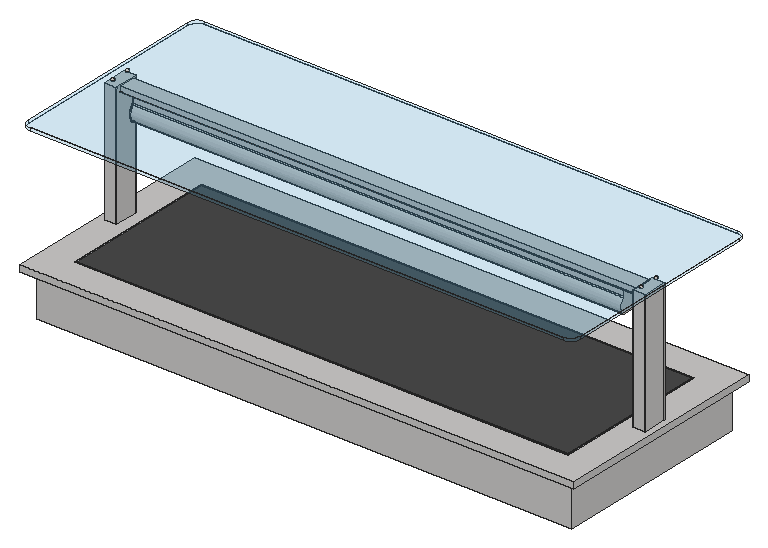
Revit family "QF_FESTIVE_SHD18", category Specialty Equipment, Revit 2020
Family settings
  Round Connector Dimension = Use Diameter
  Part Type = Normal
  Work Plane-Based = No
  Always vertical = Yes
  Cut with Voids When Loaded = No
  Shared = No
  Room Calculation Point = No
Parameters (values of type "SHD18")
  Weight in Pounds = 0
  Watts = if(Phase = 3, Volts * FL Amps * 1.73, Volts * FL Amps)  # 1870 W
  Volts = 220 V
  URL Cutsheet = ""
  Specification by User = ""
  Specification by Manufacturer = ""
  Serial Number = ""
  Seismic Rating = ""
  SMACNA No = ""
  Revision Code = ""
  Phase = 1
  Number of Poles = 1
  NAFEM Spec ID Number = ""
  Model = "SHD18"
  Min Ckt Ampacity = 0 A
  Max Overcurrent Protection = 0 A
  Masterspec = ""
  Manufacturer = "FESTIVE"
  Length = 1805 mm
  Item Number = ""
  Installed By = ""
  Identify Quantity as Lot = yes
  Height = 430 mm
  HP = ""
  Furnished By = ""
  Foodservice Equipment Identifier = yes
  FL Amps = 8.5 A  # constant formula
  Electrical Remarks = ""
  Electric Connection Type = ""
  Elec Conn RI Height = 0 mm
  Elec Conn Connection Height = 0 mm
  Description = "SOMERSET: HOT DECK"
  Depth = 712 mm
  Default Elevation = 0 mm
  Cycle = 50 Hz
  Conn Plug = ""
  Conn Conduit = yes
  CSI MasterFormat = ""
  Apparent Power = if(Phase = 3, Volts * FL Amps * 1.73, Volts * FL Amps)  # 1870 VA
Reference planes
  plane 1 "BACK": y = 0
  plane 2: z = 0
  plane 3 "LEFT": x = 0
  plane 4 "RIGHT": x = 1805
  plane 5 "FRONT": y = -712
  plane 6 "TOP": z = 430
  plane 7 "Center Y": x = 902.5
  plane 8 "Center X": y = -356
  plane 9: z = -140
  plane 10: x = 60.5
  plane 11: x = 100.5
  plane 12: x = 1704.5
  plane 13: x = 1744.5
Forms (mm)
  Extrusion 1, solid, material "QF_Metal - Stainless - Satin"
    sketch origin (0, 0, 0) x (1, 0, 0) y (0, 1, 0)
      loop
        line (0, 0) -> (0, -712) -> (1805, -712) -> (1805, 0) -> (0, 0)
      loop
        line (99, -98.261) -> (99, -612.261) -> (1706, -612.261) -> (1706, -98.261) -> (99, -98.261)
    from 0 to 20
  Extrusion 2, solid, material "QF_Metal - Stainless - Satin"
    sketch origin (1065, -355.261, -145) x (1, 0, 0) y (0, 1, 0)
      loop
        line (710, -326.739) -> (710, 325.261) -> (-1035, 325.261) -> (-1035, -326.739) -> (710, -326.739)
      loop
        line (-966, -257) -> (641, -257) -> (641, 257) -> (-966, 257) -> (-966, -257)
    from 5 to 145
  Extrusion 3, solid, material "QF_Metal - Stainless - Satin"
    sketch origin (1065, -355.261, 20) x (1, 0, 0) y (0, 1, 0)
      loop
        arc (-1006.5, -40) -> (-1005.086, -39.414) -> (-1004.5, -38) r 2
        line (-1004.5, -38) -> (-1004.5, 38)
        arc (-1004.5, 38) -> (-1005.086, 39.414) -> (-1006.5, 40) r 2
        line (-1006.5, 40) -> (-1042.5, 40)
        arc (-1042.5, 40) -> (-1043.914, 39.414) -> (-1044.5, 38) r 2
        line (-1044.5, 38) -> (-1044.5, -38)
        arc (-1044.5, -38) -> (-1043.914, -39.414) -> (-1042.5, -40) r 2
        line (-1042.5, -40) -> (-1006.5, -40)
      loop
        arc (719.5, 38) -> (718.914, 39.414) -> (717.5, 40) r 2
        line (717.5, 40) -> (681.5, 40)
        arc (681.5, 40) -> (680.086, 39.414) -> (679.5, 38) r 2
        line (679.5, 38) -> (679.5, -38)
        arc (679.5, -38) -> (680.086, -39.414) -> (681.5, -40) r 2
        line (681.5, -40) -> (717.5, -40)
        arc (717.5, -40) -> (718.914, -39.414) -> (719.5, -38) r 2
        line (719.5, -38) -> (719.5, 38)
    from 0 to 400
  Extrusion 4, solid, material "QF_Metal - Stainless - Satin"
    sketch origin (1065, -355.261, -140) x (0, 1, 0) y (1, 0, 0)
      loop
        line (257, -966) -> (257, 641) -> (-257, 641) -> (-257, -966) -> (257, -966)
    from 0 to -35
  Sweep 5, solid
    path origin (0, 0, -90) x (1, 0, 0) y (0, 1, 0)
      loop
        line (1704, -180.315) -> (210.803, -180.315)
        arc (210.803, -180.315) -> (189.59, -189.101) -> (180.803, -210.315) r 30
        line (180.803, -210.315) -> (180.803, -500.123)
        arc (180.803, -500.123) -> (189.59, -521.336) -> (210.803, -530.123) r 30
        line (210.803, -530.123) -> (1704, -530.123)
    profile origin (957.401, -180.315, -90) x (0, -1, 0) y (0, 0, 1)
      loop
        circle (0, 0) r 3.995
  Extrusion 6, solid, material "Glass"
    sketch origin (1065, -355.261, 420) x (1, 0, 0) y (0, 1, 0)
      loop
        arc (-1062.5, -326) -> (-1053.713, -347.213) -> (-1032.5, -356) r 30
        line (-1032.5, -356) -> (707.5, -356)
        arc (707.5, -356) -> (728.713, -347.213) -> (737.5, -326) r 30
        line (737.5, -326) -> (737.5, 324.523)
        arc (737.5, 324.523) -> (728.713, 345.736) -> (707.5, 354.523) r 30
        line (707.5, 354.523) -> (-1032.5, 354.523)
        arc (-1032.5, 354.523) -> (-1053.713, 345.736) -> (-1062.5, 324.523) r 30
        line (-1062.5, 324.523) -> (-1062.5, -326)
    from 0 to 10
  Extrusion 7, solid, material "QF_Metal - Stainless - Satin"
    sketch origin (100.5, -4572, 401.831) x (0, 0, 1) y (0, -1, 0)
      loop
        arc (-66.2, -4250.168) -> (-44.071, -4253.808) -> (-23.897, -4244.015) r 37.05
        arc (-23.897, -4244.015) -> (-21.842, -4242.699) -> (-19.446, -4242.239) r 6.465
        line (-19.446, -4242.239) -> (-1.831, -4242.239) -> (-1.831, -4191.324) -> (-19.446, -4191.324)
        arc (-19.446, -4191.324) -> (-21.842, -4190.863) -> (-23.897, -4189.548) r 6.465
        arc (-23.897, -4189.548) -> (-44.071, -4179.755) -> (-66.2, -4183.394) r 37.05
        arc (-66.2, -4183.394) -> (-70.639, -4187.723) -> (-71.831, -4193.809) r 10.413
        line (-71.831, -4193.809) -> (-71.831, -4241.231)
        arc (-71.831, -4241.231) -> (-70.247, -4246.476) -> (-66.2, -4250.168) r 10.306
    from 0 to 2
  Extrusion 8, solid, material "QF_Metal - Stainless - Satin"
    sketch origin (102.5, -4572, 401.831) x (0, 0, 1) y (0, -1, 0)
      loop
        arc (-66.2, -4250.168) -> (-44.071, -4253.808) -> (-23.897, -4244.015) r 37.05
        arc (-23.897, -4244.015) -> (-21.842, -4242.699) -> (-19.446, -4242.239) r 6.465
        line (-19.446, -4242.239) -> (-1.831, -4242.239) -> (-1.831, -4191.324) -> (-19.446, -4191.324)
        arc (-19.446, -4191.324) -> (-21.842, -4190.863) -> (-23.897, -4189.548) r 6.465
        arc (-23.897, -4189.548) -> (-44.071, -4179.755) -> (-66.2, -4183.394) r 37.05
        arc (-66.2, -4183.394) -> (-70.639, -4187.723) -> (-71.831, -4193.809) r 10.413
        line (-71.831, -4193.809) -> (-71.831, -4241.231)
        arc (-71.831, -4241.231) -> (-70.247, -4246.476) -> (-66.2, -4250.168) r 10.306
    from 0 to 1602
  Extrusion 9, solid, material "QF_Metal - Stainless - Satin"
    sketch origin (0, 0, 0) x (0, 1, 0) y (0, 0, 1)
      loop
        line (-327.761, 420) -> (-382.676, 420) -> (-382.676, 401.831)
        arc (-382.676, 401.831) -> (-382.037, 400.522) -> (-380.676, 400) r 1.989
        line (-380.676, 400) -> (-329.761, 400)
        arc (-329.761, 400) -> (-328.401, 400.522) -> (-327.761, 401.831) r 1.989
        line (-327.761, 401.831) -> (-327.761, 420)
    from 60.5 to 1744.5
  Revolve 10, solid, material "QF_Metal - Stainless - Satin"
    sketch origin (0, -385.237, 2) x (1, 0, 0) y (0, 0, 1)
      loop
        line (36.511, 428) -> (40.467, 428) -> (40.467, 433.967)
        arc (40.467, 433.967) -> (37.67, 432.809) -> (36.511, 430.011) r 3.956
        line (36.511, 430.011) -> (36.511, 428)
      axis (40.467, 428) -> (40.467, 433.967)
    angle from 0 to 360
  Revolve 11, solid, material "QF_Metal - Stainless - Satin"
    sketch origin (0, -325.201, 2) x (1, 0, 0) y (0, 0, -1)
      loop
        line (36.511, -428) -> (36.511, -430.011)
        arc (36.511, -430.011) -> (37.67, -432.809) -> (40.467, -433.967) r 3.956
        line (40.467, -433.967) -> (40.467, -428) -> (36.511, -428)
      axis (40.467, -428) -> (40.467, -433.967)
    angle from 0 to 360
  Revolve 12, solid, material "QF_Metal - Stainless - Satin"
    sketch origin (2130, -385.237, 2) x (-1, 0, 0) y (0, 0, -1)
      loop
        line (361.511, -428) -> (361.511, -430.011)
        arc (361.511, -430.011) -> (362.67, -432.809) -> (365.467, -433.967) r 3.956
        line (365.467, -433.967) -> (365.467, -428) -> (361.511, -428)
      axis (365.467, -428) -> (365.467, -433.967)
    angle from 0 to 360
  Revolve 13, solid, material "QF_Metal - Stainless - Satin"
    sketch origin (2130, -325.201, 2) x (-1, 0, 0) y (0, 0, 1)
      loop
        line (361.511, 428) -> (365.467, 428) -> (365.467, 433.967)
        arc (365.467, 433.967) -> (362.67, 432.809) -> (361.511, 430.011) r 3.956
        line (361.511, 430.011) -> (361.511, 428)
      axis (365.467, 428) -> (365.467, 433.967)
    angle from 0 to 360
  Extrusion 14, solid
    sketch origin (0, 0, 20) x (1, 0, 0) y (0, 1, 0)
      loop
        line (99, -612.261) -> (1706, -612.261) -> (1706, -98.261) -> (99, -98.261) -> (99, -612.261)
      loop
        line (101, -610.261) -> (1704, -610.261) -> (1704, -100.261) -> (101, -100.261) -> (101, -610.261)
    from -5 to 0
  Extrusion 15, solid, material "QF_Plastic - Black - Smooth"
    sketch origin (0, 0, 20) x (1, 0, 0) y (0, 1, 0)
      loop
        line (101, -610.261) -> (1704, -610.261) -> (1704, -100.261) -> (101, -100.261) -> (101, -610.261)
    from -5 to 0
Cuts and joins
  joined: Extrusion 2, Extrusion 4
Lines and regions (mm)
  symbolic lines
    curve 1: arc (32.5, -0.739, 0) -> (11.287, -9.526, 0) -> (2.5, -30.739, 0) r 30
    curve 2: line (2.5, -30.739, 0) -> (2.5, -681.261, 0)
    curve 3: arc (2.5, -681.261, 0) -> (11.287, -702.474, 0) -> (32.5, -711.261, 0) r 30
    curve 4: line (32.5, -711.261, 0) -> (1772.5, -711.261, 0)
    curve 5: arc (1772.5, -711.261, 0) -> (1793.713, -702.474, 0) -> (1802.5, -681.261, 0) r 30
    curve 6: line (1802.5, -681.261, 0) -> (1802.5, -30.739, 0)
    curve 7: arc (1802.5, -30.739, 0) -> (1793.713, -9.526, 0) -> (1772.5, -0.739, 0) r 30
    curve 8: line (1772.5, -0.739, 0) -> (32.5, -0.739, 0)
    curve 9: circle (40.467, -325.131, 0) r 3.956 normal (0, 0, 1)
    curve 10: circle (40.467, -385.166, 0) r 3.956 normal (0, 0, 1)
    curve 11: circle (1764.533, -325.131, 0) r 3.956 normal (0, 0, -1)
    curve 12: circle (1764.533, -385.166, 0) r 3.956 normal (0, 0, -1)
    curve 13: line (1805, 0, 0) -> (0, 0, 0)
    curve 14: line (1805, -712, 0) -> (1805, 0, 0)
    curve 15: line (0, -712, 0) -> (1805, -712, 0)
    curve 16: line (0, 0, 0) -> (0, -712, 0)
Dimensions and locks
  equal spacing: plane 3 "LEFT", plane 7 "Center Y", plane 4 "RIGHT"
  "Length": plane 3 "LEFT" to plane 4 "RIGHT"
  equal spacing: plane 5 "FRONT", plane 8 "Center X", plane 1 "BACK"
  "Depth": plane 5 "FRONT" to plane 1 "BACK"
  "Height": plane 6 "TOP" to level
  plane 1 "BACK" to plane 5 "FRONT" = 712 mm
  plane 2 to plane 9 = 140 mm
  nested 1 to nested 1 = 2.873 mm
  locked: plane 13 to plane 4 "RIGHT" at 60.5
  locked: plane 12 to plane 4 "RIGHT" at 100.5
  aligned and locked: plane 2 to level
  aligned and locked: plane 9 to nested 1
  aligned and locked: Extrusion 9 to plane 13
  aligned and locked: Extrusion 8 to plane 12
  aligned and locked: nested 1 to plane 7 "Center Y"
Automatic sketch dimensions
  curve 16 to plane 3 "LEFT" = 0 mm
  curve 15 to plane 4 "RIGHT" = 0 mm
  plane 5 "FRONT" to curve 15 = 0 mm
  plane 1 "BACK" to curve 13 = 0 mm
  plane 3 "LEFT" to curve 2 = 2.5 mm
  curve 4 to plane 5 "FRONT" = 0.739 mm
  plane 3 "LEFT" to curve 4 = 32.5 mm
  plane 1 "BACK" to curve 8 = 0.739 mm
  plane 3 "LEFT" to curve 8 = 32.5 mm
  plane 3 "LEFT" to curve 10 = 40.467 mm
  plane 3 "LEFT" to curve 9 = 40.467 mm
  plane 4 "RIGHT" to curve 11 = 40.467 mm
  plane 4 "RIGHT" to curve 12 = 40.467 mm
  plane 4 "RIGHT" to curve 8 = 32.5 mm
  plane 4 "RIGHT" to curve 4 = 32.5 mm
  plane 4 "RIGHT" to curve 6 = 2.5 mm
  curve 12 to plane 8 "Center X" = 29.166 mm
  curve 10 to plane 8 "Center X" = 29.166 mm
  plane 8 "Center X" to curve 9 = 30.869 mm
  plane 8 "Center X" to curve 11 = 30.869 mm
  Extrusion 1 sketch curve to plane 3 "LEFT" = 0 mm
  Extrusion 1 sketch curve to plane 4 "RIGHT" = 0 mm
  plane 5 "FRONT" to Extrusion 1 sketch curve = 0 mm
  plane 1 "BACK" to Extrusion 1 sketch curve = 0 mm
  plane 3 "LEFT" to Extrusion 1 sketch curve = 99 mm
  plane 4 "RIGHT" to Extrusion 1 sketch curve = 99 mm
  Extrusion 1 sketch curve to plane 5 "FRONT" = 99.739 mm
  plane 1 "BACK" to Extrusion 1 sketch curve = 98.261 mm
  plane 3 "LEFT" to Extrusion 2 sketch curve = 30 mm
  Extrusion 2 sketch curve to Extrusion 2 sketch curve = 69 mm
  plane 4 "RIGHT" to Extrusion 2 sketch curve = 99 mm
  plane 4 "RIGHT" to Extrusion 2 sketch curve = 30 mm
  Extrusion 2 sketch curve to plane 5 "FRONT" = 30 mm
  Extrusion 2 sketch curve to Extrusion 2 sketch curve = 69.739 mm
  plane 1 "BACK" to Extrusion 2 sketch curve = 98.261 mm
  plane 1 "BACK" to Extrusion 2 sketch curve = 30 mm
  plane 3 "LEFT" to Extrusion 3 sketch curve = 20.5 mm
  Extrusion 3 sketch curve to Extrusion 3 sketch curve = 2 mm  (x6)
  Extrusion 3 sketch curve to Extrusion 3 sketch curve = 36 mm  (x2)
  plane 4 "RIGHT" to Extrusion 3 sketch curve = 60.5 mm
  plane 4 "RIGHT" to Extrusion 3 sketch curve = 22.5 mm  (x2)
  Extrusion 3 sketch curve to plane 8 "Center X" = 39.261 mm  (x2)
  plane 8 "Center X" to Extrusion 3 sketch curve = 38.739 mm  (x2)
  Extrusion 4 sketch curve to Extrusion 2 = 0 mm  (x4)
  plane 3 "LEFT" to Sweep 5 sketch curve = 180.803 mm
  Sweep 5 sketch curve to Sweep 5 sketch curve = 30 mm  (x2)
  Sweep 5 sketch curve to plane 8 "Center X" = 174.123 mm
  plane 8 "Center X" to Sweep 5 sketch curve = 145.685 mm
  plane 4 "RIGHT" to Sweep 5 sketch curve = 101 mm  (x2)
  Sweep 5 sketch curve to profile plane = 0 mm  (x2)
  plane 3 "LEFT" to Extrusion 6 sketch curve = 2.5 mm
  Extrusion 6 sketch curve to Extrusion 6 sketch curve = 30 mm  (x2)
  plane 1 "BACK" to Extrusion 6 sketch curve = 0.739 mm
  plane 4 "RIGHT" to Extrusion 6 sketch curve = 32.5 mm  (x2)
  Extrusion 6 sketch curve to plane 5 "FRONT" = 0.739 mm
  plane 4 "RIGHT" to Extrusion 6 sketch curve = 2.5 mm
  Extrusion 9 sketch curve to plane 8 "Center X" = 26.676 mm
  Extrusion 9 sketch curve to Extrusion 9 sketch curve = 1.982 mm  (x2)
  Extrusion 9 sketch curve to Extrusion 9 sketch curve = 0.018 mm  (x2)
  plane 8 "Center X" to Extrusion 9 sketch curve = 26.239 mm
  Extrusion 9 sketch curve to plane 6 "TOP" = 30 mm
  Extrusion 9 sketch curve to Extrusion 9 sketch curve = 1.831 mm  (x2)
  Extrusion 9 sketch curve to plane 6 "TOP" = 10 mm
  Revolve 10 sketch curve to plane 6 "TOP" = 0 mm
  plane 3 "LEFT" to Revolve 10 sketch curve = 36.511 mm
  Revolve 10 sketch curve to Revolve 10 sketch curve = 3.956 mm
  plane 6 "TOP" to Revolve 10 sketch curve = 2.011 mm
  Revolve 10 sketch curve to Revolve 10 sketch curve = 0 mm  (x2)
  Revolve 10 sketch curve to Revolve 10 sketch curve = 2.434 mm
  Revolve 11 sketch curve to plane 6 "TOP" = 0 mm
  plane 3 "LEFT" to Revolve 11 sketch curve = 36.511 mm
  Revolve 11 sketch curve to Revolve 11 sketch curve = 3.956 mm
  plane 6 "TOP" to Revolve 11 sketch curve = 2.011 mm
  Revolve 11 sketch curve to Revolve 11 sketch curve = 0 mm  (x2)
  Revolve 11 sketch curve to Revolve 11 sketch curve = 2.434 mm
  Revolve 12 sketch curve to plane 6 "TOP" = 0 mm
  plane 4 "RIGHT" to Revolve 12 sketch curve = 36.511 mm
  Revolve 12 sketch curve to Revolve 12 sketch curve = 3.956 mm
  Revolve 12 sketch curve to Revolve 12 sketch curve = 2.011 mm
  Revolve 12 sketch curve to Revolve 12 sketch curve = 0 mm  (x2)
  Revolve 12 sketch curve to Revolve 12 sketch curve = 2.434 mm
  Revolve 13 sketch curve to plane 6 "TOP" = 0 mm
  plane 4 "RIGHT" to Revolve 13 sketch curve = 36.511 mm
  Revolve 13 sketch curve to Revolve 13 sketch curve = 3.956 mm
  Revolve 13 sketch curve to Revolve 13 sketch curve = 2.011 mm
  Revolve 13 sketch curve to Revolve 13 sketch curve = 0 mm  (x2)
  Revolve 13 sketch curve to Revolve 13 sketch curve = 2.434 mm
  Extrusion 14 sketch curve to Extrusion 1 = 0 mm  (x3)
  Extrusion 1 to Extrusion 14 sketch curve = 0 mm
  Extrusion 1 to Extrusion 14 sketch curve = 2 mm  (x4)
  Extrusion 1 to Extrusion 15 sketch curve = 2 mm  (x4)
  Extrusion 7 sketch curve to plane 8 "Center X" = 22.191 mm
  Extrusion 7 sketch curve to plane 6 "TOP" = 100 mm
  Extrusion 7 sketch curve to Extrusion 7 sketch curve = 10.303 mm
  Extrusion 7 sketch curve to Extrusion 7 sketch curve = 10.351 mm
  plane 8 "Center X" to Extrusion 7 sketch curve = 0.419 mm
  Extrusion 7 sketch curve to Extrusion 7 sketch curve = 12.075 mm
  Extrusion 7 sketch curve to Extrusion 7 sketch curve = 0 mm  (x3)
  Extrusion 7 sketch curve to Extrusion 7 sketch curve = 42.082 mm
  Extrusion 7 sketch curve to Extrusion 7 sketch curve = 42.033 mm
  Extrusion 7 sketch curve to Extrusion 7 sketch curve = 17.615 mm
  Extrusion 7 sketch curve to Extrusion 7 sketch curve = 0.725 mm
  plane 8 "Center X" to Extrusion 7 sketch curve = 24.982 mm
  Extrusion 7 sketch curve to Extrusion 7 sketch curve = 0.249 mm
  plane 8 "Center X" to Extrusion 7 sketch curve = 26.239 mm
  Extrusion 7 sketch curve to Extrusion 7 sketch curve = 6.465 mm  (x2)
  Extrusion 7 sketch curve to Extrusion 7 sketch curve = 1.133 mm
  Extrusion 7 sketch curve to plane 8 "Center X" = 24.676 mm
  Extrusion 7 to Extrusion 8 sketch curve = 0 mm
  Extrusion 8 sketch curve to Extrusion 7 = 0 mm
  radius of curve 9 = 3.956 mm
  radius of curve 10 = 3.956 mm
  radius of curve 11 = 3.956 mm
  radius of curve 12 = 3.956 mm
  radius of Sweep 5 sketch curve = 3.995 mm
  radius of Extrusion 8 sketch curve to Extrusion 7 = 0 mm  (x6)
Nested families
  nested 1: "CONTROL1" at (1002.5, -442, -240) x (-1, 0, 0) z (0, 0, 1), type "CONTROL 2"
Connectors
  electrical at (799.3, -342, -196), driven by "Volts", driven by "Watts"
    settings: on nested 1, index 2, voltage 220 V, apparent load 1870 VA, apparent load phase1 0 VA, apparent load phase2 0 VA, apparent load phase3 0 VA, power factor 1, load classification "Other", number of poles 1, system type 30, power factor state 1, is connector primary yes, connector utility no, sub classification motor no, connector description "ELECTRICAL CONNECTION"
Definition of nested family "CONTROL1"
  Parameters (values of type "CONTROL 2")
    Weight in Pounds = 0
    Watts = if(Phase = 3, Volts * FL Amps * 1.73, Volts * FL Amps)  # 0 W
    Volts = 0 V
    URL Cutsheet = ""
    Specification by User = ""
    Specification by Manufacturer = ""
    Serial Number = ""
    Seismic Rating = ""
    SMACNA No = ""
    Revision Code = ""
    Phase = 0
    Number of Poles = 1
    NAFEM Spec ID Number = ""
    Min Ckt Ampacity = 0 A
    Max Overcurrent Protection = 0 A
    Masterspec = ""
    Length = 200 mm
    Item Number = ""
    Installed By = ""
    Identify Quantity as Lot = yes
    Height = 100 mm
    HP = ""
    Furnished By = ""
    Foodservice Equipment Identifier = yes
    FL Amps = 0 A
    Electrical Remarks = ""
    Electric Connection Type = ""
    Elec Conn RI Height = 0 mm
    Elec Conn Connection Height = 0 mm
    Depth = 382 mm  # constant formula
    Default Elevation = 0 mm
    Cycle = 0 Hz
    Conn Plug = ""
    Conn Conduit = yes
    CSI MasterFormat = ""
    Apparent Power = if(Phase = 3, Volts * FL Amps * 1.73, Volts * FL Amps)  # 0 VA
  Reference planes
    plane 1 "BACK": y = 0
    plane 2: z = 0
    plane 3 "LEFT": x = 0
    plane 4 "RIGHT": x = 200
    plane 5 "FRONT": y = -382
    plane 6 "TOP": z = 100
    plane 7 "Center Y": x = 100
    plane 8 "Center X": y = -191
  Forms (mm)
    Extrusion 1, solid
      sketch origin (0, 0, 0) x (0, 1, 0) y (0, 0, 1)
        loop
          line (0, 100) -> (-382, 100) -> (-382, 0) -> (0, 0) -> (0, 100)
      from 0 to 200
    Extrusion 2, solid
      sketch origin (0, -385.163, 100.641) x (0, 0, -1) y (1, 0, 0)
        loop
          line (0.641, 0) -> (84.005, 0) -> (84.005, 200) -> (0.641, 200) -> (0.641, 0)
      from 0 to -3.163
    Extrusion 3, solid
      sketch origin (200, 0, 0) x (0, 1, 0) y (0, 0, 1)
        loop
          circle (-100, 44) r 5
      from 0 to 3.2
    Extrusion 4, solid
      sketch origin (234.495, -385.163, 106.983) x (0, 0, -1) y (1, 0, 0)
        loop
          line (28.109, -81.09) -> (28.109, -101.23) -> (65.314, -101.23) -> (65.314, -81.09) -> (28.109, -81.09)
        loop
          line (30.983, -84.095) -> (30.983, -98.095) -> (62.983, -98.095) -> (62.983, -84.095) -> (30.983, -84.095)
        loop
          line (28.109, -106.09) -> (28.109, -126.23) -> (65.314, -126.23) -> (65.314, -106.09) -> (28.109, -106.09)
        loop
          line (30.983, -109.095) -> (30.983, -123.095) -> (62.983, -123.095) -> (62.983, -109.095) -> (30.983, -109.095)
        loop
          line (29.233, -135.695) -> (29.233, -209.695)
          arc (29.233, -209.695) -> (31.709, -210.63) -> (34.233, -211.428) r 48.156
          line (34.233, -211.428) -> (34.233, -134.051)
          arc (34.233, -134.051) -> (31.711, -134.808) -> (29.233, -135.695) r 50.519
        loop
          line (65.733, -209.695) -> (65.733, -135.695)
          arc (65.733, -135.695) -> (63.254, -134.808) -> (60.733, -134.051) r 50.519
          line (60.733, -134.051) -> (60.733, -211.428)
          arc (60.733, -211.428) -> (63.256, -210.63) -> (65.733, -209.695) r 48.156
      from 0 to 2
    Extrusion 5, solid
      sketch origin (139.146, -385.163, 76) x (0, 0, -1) y (0, 1, 0)
        loop
          line (32, 0) -> (0, 0) -> (0, -2)
          arc (0, -2) -> (12.978, -3.04) -> (25.484, -6.665) r 64.536
          arc (25.484, -6.665) -> (27.464, -6.785) -> (29.117, -5.69) r 3.128
          line (29.117, -5.69) -> (32, -2) -> (32, 0)
      from -2.746 to 11.254
    Extrusion 6, solid
      sketch origin (114.146, -385.163, 76) x (0, 0, -1) y (0, 1, 0)
        loop
          line (32, 0) -> (0, 0) -> (0, -2)
          arc (0, -2) -> (12.978, -3.04) -> (25.484, -6.665) r 64.536
          arc (25.484, -6.665) -> (27.464, -6.785) -> (29.117, -5.69) r 3.128
          line (29.117, -5.69) -> (32, -2) -> (32, 0)
      from -2.746 to 11.254
    Extrusion 7, solid
      sketch origin (234.495, -385.163, 106.983) x (0, 0, -1) y (1, 0, 0)
        loop
          arc (60.733, -134.051) -> (47.483, -132.283) -> (34.233, -134.051) r 50.519
          line (34.233, -134.051) -> (34.233, -211.428)
          arc (34.233, -211.428) -> (47.483, -213.287) -> (60.733, -211.428) r 48.156
          line (60.733, -211.428) -> (60.733, -134.051)
      from 0 to 2
    Extrusion 8, void
      sketch origin (200, 0, 0) x (0, 1, 0) y (0, 0, 1)
        loop
          circle (-133.139, 75.744) r 6
        loop
          circle (-102.677, 75.744) r 10
        loop
          circle (-133.317, 45.46) r 7.401
      from 0 to -3.2
    Extrusion 9, void
      sketch origin (0, 0, 0) x (0, -1, 0) y (0, 0, 1)
        loop
          circle (133.139, 75.744) r 6
        loop
          circle (102.677, 75.744) r 10
        loop
          circle (133.317, 45.46) r 7.401
      from 0 to -3.2
  Cuts and joins
    Extrusion 8, Extrusion 9 cuts Extrusion 1
  Lines and regions (mm)
    symbolic lines
      curve 1: line (0, 0, 0) -> (200, 0, 0)
      curve 2: line (0, -382, 0) -> (0, 0, 0)
      curve 3: line (200, -382, 0) -> (0, -382, 0)
      curve 4: line (200, 0, 0) -> (200, -382, 0)
  Dimensions and locks
    equal spacing: plane 3 "LEFT", plane 7 "Center Y", plane 4 "RIGHT"
    "Length": plane 3 "LEFT" to plane 4 "RIGHT"
    equal spacing: plane 5 "FRONT", plane 8 "Center X", plane 1 "BACK"
    "Depth": plane 5 "FRONT" to plane 1 "BACK"
    "Height": plane 6 "TOP" to level
    plane 4 "RIGHT" to plane 3 "LEFT" = 200 mm
    plane 5 "FRONT" to plane 1 "BACK" = 382 mm
    plane 1 "BACK" to Extrusion 3 sketch curve = 100 mm
    Extrusion 3 sketch curve to level = 44 mm
    aligned and locked: plane 2 to level
  Automatic sketch dimensions
    curve 3 to plane 3 "LEFT" = 0 mm
    curve 3 to plane 4 "RIGHT" = 0 mm
    plane 5 "FRONT" to curve 3 = 0 mm
    plane 1 "BACK" to curve 2 = 0 mm
    Extrusion 1 sketch curve to plane 5 "FRONT" = 0 mm
    Extrusion 1 sketch curve to level = 0 mm
    Extrusion 1 sketch curve to plane 1 "BACK" = 0 mm
    Extrusion 1 sketch curve to plane 6 "TOP" = 0 mm
    plane 4 "RIGHT" to Extrusion 2 sketch curve = 0 mm
    Extrusion 2 sketch curve to plane 6 "TOP" = 0 mm
    Extrusion 2 sketch curve to plane 3 "LEFT" = 0 mm
    level to Extrusion 2 sketch curve = 16.636 mm
    Extrusion 4 sketch curve to Extrusion 4 sketch curve = 0 mm  (x6)
    Extrusion 4 sketch curve to plane 6 "TOP" = 21.127 mm  (x2)
    plane 7 "Center Y" to Extrusion 4 sketch curve = 8.264 mm
    Extrusion 4 sketch curve to plane 6 "TOP" = 22.25 mm
    Extrusion 4 sketch curve to Extrusion 4 sketch curve = 2.873 mm  (x2)
    Extrusion 4 sketch curve to Extrusion 4 sketch curve = 5 mm  (x2)
    Extrusion 4 sketch curve to Extrusion 4 sketch curve = 13.25 mm
    plane 7 "Center Y" to Extrusion 4 sketch curve = 0.443 mm
    Extrusion 4 sketch curve to Extrusion 4 sketch curve = 26.5 mm
    Extrusion 4 sketch curve to Extrusion 4 sketch curve = 2.25 mm
    Extrusion 4 sketch curve to Extrusion 4 sketch curve = 2.331 mm  (x2)
    Extrusion 4 sketch curve to plane 7 "Center Y" = 1.2 mm  (x2)
    plane 3 "LEFT" to Extrusion 4 sketch curve = 24.8 mm  (x2)
    Extrusion 4 sketch curve to Extrusion 4 sketch curve = 1.733 mm
    Extrusion 4 sketch curve to Extrusion 4 sketch curve = 3.136 mm  (x2)
    Extrusion 4 sketch curve to Extrusion 4 sketch curve = 14 mm  (x2)
    Extrusion 4 sketch curve to Extrusion 4 sketch curve = 3.004 mm  (x2)
    Extrusion 4 sketch curve to Extrusion 4 sketch curve = 4.86 mm
    plane 5 "FRONT" to Extrusion 5 sketch curve = 3.163 mm
    Extrusion 5 sketch curve to plane 6 "TOP" = 24 mm
    Extrusion 5 sketch curve to plane 6 "TOP" = 25.358 mm
    plane 5 "FRONT" to Extrusion 5 sketch curve = 6.928 mm
    Extrusion 5 sketch curve to Extrusion 5 sketch curve = 26.653 mm
    plane 5 "FRONT" to Extrusion 5 sketch curve = 8.853 mm
    Extrusion 5 sketch curve to Extrusion 5 sketch curve = 2.465 mm
    Extrusion 5 sketch curve to Extrusion 5 sketch curve = 2.883 mm
    Extrusion 5 sketch curve to Extrusion 5 sketch curve = 66.522 mm
    Extrusion 5 sketch curve to Extrusion 5 sketch curve = 2 mm  (x2)
    plane 5 "FRONT" to Extrusion 6 sketch curve = 3.163 mm
    Extrusion 6 sketch curve to plane 6 "TOP" = 24 mm
    Extrusion 6 sketch curve to plane 6 "TOP" = 25.358 mm
    plane 5 "FRONT" to Extrusion 6 sketch curve = 6.928 mm
    Extrusion 6 sketch curve to Extrusion 6 sketch curve = 26.653 mm
    plane 5 "FRONT" to Extrusion 6 sketch curve = 8.853 mm
    Extrusion 6 sketch curve to Extrusion 6 sketch curve = 2.465 mm
    Extrusion 6 sketch curve to Extrusion 6 sketch curve = 2.883 mm
    Extrusion 6 sketch curve to Extrusion 6 sketch curve = 66.522 mm
    Extrusion 6 sketch curve to Extrusion 6 sketch curve = 2 mm  (x2)
    plane 7 "Center Y" to Extrusion 7 sketch curve = 0.443 mm
    Extrusion 7 sketch curve to plane 6 "TOP" = 27.25 mm
    Extrusion 7 sketch curve to Extrusion 7 sketch curve = 13.25 mm
    Extrusion 7 sketch curve to Extrusion 7 sketch curve = 0 mm
    Extrusion 7 sketch curve to Extrusion 7 sketch curve = 26.5 mm
    Extrusion 7 sketch curve to plane 7 "Center Y" = 30.636 mm
    Extrusion 7 sketch curve to Extrusion 7 sketch curve = 17.671 mm
    plane 3 "LEFT" to Extrusion 7 sketch curve = 23.067 mm
    Extrusion 8 sketch curve to Extrusion 1 = 45.46 mm
    Extrusion 8 sketch curve to Extrusion 1 = 133.317 mm
    Extrusion 8 sketch curve to Extrusion 8 sketch curve = 0.178 mm
    Extrusion 8 sketch curve to Extrusion 8 sketch curve = 30.462 mm
    Extrusion 8 sketch curve to Extrusion 1 = 24.256 mm  (x2)
    plane 8 "Center X" to Extrusion 9 sketch curve = 57.683 mm
    Extrusion 9 sketch curve to Extrusion 9 sketch curve = 0.178 mm
    Extrusion 9 sketch curve to Extrusion 9 sketch curve = 30.462 mm
    level to Extrusion 9 sketch curve = 45.46 mm
    Extrusion 9 sketch curve to plane 6 "TOP" = 24.256 mm  (x2)
    radius of Extrusion 3 sketch curve = 5 mm
    radius of Extrusion 8 sketch curve = 6 mm
    radius of Extrusion 8 sketch curve = 10 mm
    radius of Extrusion 8 sketch curve = 7.401 mm
    radius of Extrusion 9 sketch curve = 6 mm
    radius of Extrusion 9 sketch curve = 10 mm
    radius of Extrusion 9 sketch curve = 7.401 mm
